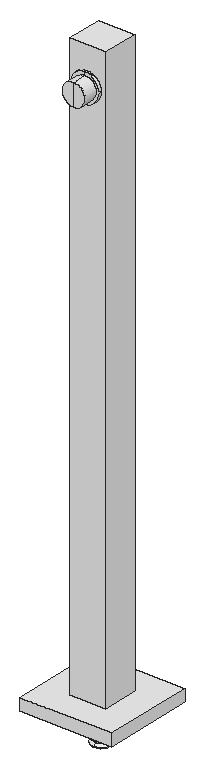
Revit family "Shower_Arm-DXV-Square-D3570042X_Series", category Plumbing Fixtures, host Face, Revit 2019
Family settings
  Host = Face
  Round Connector Dimension = Use Diameter
  Part Type = Normal
  OmniClass Number = 23.45.05.14.17
  OmniClass Title = Showers
  Cut with Voids When Loaded = No
  Shared = Yes
  Room Calculation Point = No
Parameters (values of type "D35700426.100")
  Width = 2.40157"
  Waste Connection = no
  WFU = 4  # constant formula
  Vent Connection = no
  URL = "https://www.dxv.com/"
  Type Comments = ""
  Tempered Water Connection = yes
  Tempered Connection Diameter = 1/2"
  Product Page URL = "https://www.dxv.com/product/slim-square-16-inch-shower-arm-by-dxv"
  Product Documentation Link = "https://dxv01.blob.core.windows.net/dxv-product-pdf-files/spec_D35700426_DXV_Square_ShwArm_EN.pdf"
  Price = "Prices may vary. Please consult Manufacturer Representative for most up-to-date price list."  # constant formula
  Outlet Diameter = 1/2"
  Model = "D35700426.100"
  Material = "Brass-DXV-100-Polished Chrome"
  Manufacturer = "DXV"
  Installation Type = "Wall Mounted"
  Height = 15 3/4"
  HWFU = 3  # constant formula
  HW Connection = no
  Finish = Brass-DXV-100-Polished Chrome
  Description = "SLIM SQUARE 16 INCH SHOWER ARM"
  Default Elevation = 78"  # constant formula
  Creation Date = "07/26/2022"  # constant formula
  CWFU = 3  # constant formula
  CW Connection = no
  Assembly Code = "D2090800"
Types (3): name | Product Page URL | Outlet Diameter | Height | Description
  (no name) | "https://www.dxv.com/product/slim-square-16-inch-shower-arm-by-dxv" | 1/2" | 15 3/4" | "SLIM SQUARE 16 INCH SHOWER ARM"
  D35700426.100 | "https://www.dxv.com/product/slim-square-16-inch-shower-arm-by-dxv" | 1/2" | 15 3/4" | "SLIM SQUARE 16 INCH SHOWER ARM"
  D35700420.100 | "https://www.dxv.com/product/slim-square-20-inch-shower-arm-by-dxv" | 24" | 19 11/16" | "SLIM SQUARE 20 INCH SHOWER ARM"
Reference planes (in)
  plane 1 "Center (Front/Back)": y = 0
  plane 2: z = 0
  plane 3 "Center (Left/Right)": x = -0.02559
  plane 4: z = 15.75
  plane 5: y = 0.25
  plane 6: y = -0.25
  plane 7: y = -1.20079
  plane 8: y = 1.20079
  plane 9: x = -1.20079
  plane 10: x = 1.20079
  plane 11: z = 14.76575
  plane 12: x = 0.22441
  plane 13: x = -0.27559
  plane 14: x = -0.47244
  plane 15: x = 0.47244
  plane 16: y = -0.47244
  plane 17: y = 0.47244
  plane 18: z = 0.3125
  plane 19: z = -0.875
  plane 20: y = -0.90994
Forms (in)
  Revolve 1, solid, material "Brass-DXV-100-Polished Chrome" <- "Finish"
    sketch origin (-0.02559, 0, 0) x (0, 1, 0) y (0, 0, 1)
      loop
        line (0.25, 0) -> (0, 0) -> (0, -0.875) -> (0.22346, -0.875) -> (0.25, -0.84846) -> (0.18168, -0.78014) -> (0.25, -0.71182) -> (0.18168, -0.6435) -> (0.25, -0.57518) -> (0.18168, -0.50686) -> (0.25, -0.43854) -> (0.18168, -0.37022) -> (0.25, -0.3019) -> (0.18168, -0.23358) -> (0.25, -0.16526) -> (0.18322, -0.07959) -> (0.25, 0)
      axis (0, 0) -> (0, -0.875)
    angle from 0 to 360
  Extrusion 2, solid, material "Brass-DXV-100-Polished Chrome" <- "Finish"
    sketch origin (0, 0, 0) x (1, 0, 0) y (0, 1, 0)
      loop
        line (-1.20079, 1.20079) -> (-1.20079, -1.20079) -> (1.20079, -1.20079) -> (1.20079, 1.20079) -> (-1.20079, 1.20079)
    from 0 to 0.3125
  Extrusion 3, solid, material "Brass-DXV-100-Polished Chrome" <- "Finish"
    sketch origin (0, 0, 0) x (1, 0, 0) y (0, 1, 0)
      loop
        line (-0.47244, 0.47244) -> (-0.47244, -0.47244) -> (0.47244, -0.47244) -> (0.47244, 0.47244) -> (-0.47244, 0.47244)
    from 0 to 15.75
  Revolve 4, solid, material "Brass-DXV-100-Polished Chrome" <- "Finish"
    sketch origin (-0.02559, 0, 0) x (0, 1, 0) y (0, 0, 1)
      loop
        line (-0.47244, 14.76575) -> (-0.47244, 15.14187) -> (-0.53494, 15.14187) -> (-0.53494, 15.05538) -> (-0.90994, 15.05538) -> (-0.90994, 14.76575) -> (-0.47244, 14.76575)
      axis (-0.90994, 14.76575) -> (-0.47244, 14.76575)
    angle from 0 to 360
Cuts and joins
  joined: Revolve 1, Extrusion 2, Extrusion 3, Revolve 4
Lines and regions (in)
  Masking region 1
    outline origin (0, 0, 0) x (1, 0, 0) y (0, 0, 1)
      loop
        line (-1.20079, 0) -> (1.20079, 0) -> (1.20079, 0.3125) -> (0.47244, 0.3125) -> (0.47244, 15.75) -> (-0.47244, 15.75) -> (-0.47244, 0.3125) -> (-1.20079, 0.3125) -> (-1.20079, 0)
  Masking region 2
    outline origin (0, 0, 0) x (1, 0, 0) y (0, 0, 1)
      loop
        line (0.22441, -0.875) -> (0.22441, 0) -> (-0.27559, 0) -> (-0.27559, -0.875) -> (0.22441, -0.875)
  symbolic lines, detail levels fine
    curve 1: line (0.42126, 0, 0.3125) -> (-0.47244, 0, 0.3125)
Dimensions and locks (in)
  locked: plane 11 to plane 4 at 0.98425
  locked: Revolve 4 sketch curve to Revolve 4 sketch curve at 0.37612
  locked: Revolve 4 sketch curve to Revolve 4 sketch curve at 0.28963
  "Height": plane 4 to level
  "Width": plane 8 to plane 7
  "Tempered Connection Diameter": plane 5 to plane 6
  equal spacing: plane 5, plane 1 "Center (Front/Back)", plane 6
  locked: plane 18 to host face at 0.3125
  equal spacing: plane 13, plane 3 "Center (Left/Right)", plane 12
  plane 13 to plane 12 = 1/2"
  host face to plane 19 = 7/8"
  plane 19 to host face = 7/8"
  locked: cut or joined group of Revolve 1, Extrusion 2, Extrusion 3, Revolve 4 to Revolve 4 sketch curve at 0.0625
  equal spacing: plane 8, plane 1 "Center (Front/Back)", plane 7
  locked: cut or joined group of Revolve 1, Extrusion 2, Extrusion 3, Revolve 4 to plane 20 at 0.4375
  locked: plane 1 "Center (Front/Back)" to plane 20 at 0.90994
  aligned and locked: plane 2 to host face
  aligned and locked: level to host face
  aligned and locked: Extrusion 2 to level
  aligned and locked: Extrusion 2 to plane 8
  aligned and locked: plane 7 to Extrusion 2  (x2)
  aligned and locked: plane 8 to Extrusion 2
  aligned and locked: Extrusion 3 to plane 4
  aligned and locked: Masking region 1 sketch curve to cut or joined group of Revolve 1, Extrusion 2, Extrusion 3, Revolve 4  (x6)
  aligned and locked: Masking region 2 sketch curve to cut or joined group of Revolve 1, Extrusion 2, Extrusion 3, Revolve 4
  aligned and locked: cut or joined group of Revolve 1, Extrusion 2, Extrusion 3, Revolve 4 to Masking region 2 sketch curve
  aligned and locked: plane 18 to cut or joined group of Revolve 1, Extrusion 2, Extrusion 3, Revolve 4
  aligned and locked: Masking region 1 to cut or joined group of Revolve 1, Extrusion 2, Extrusion 3, Revolve 4
  aligned and locked: Masking region 2 to plane 12
  aligned and locked: Revolve 4 sketch curve to cut or joined group of Revolve 1, Extrusion 2, Extrusion 3, Revolve 4
  aligned and locked: cut or joined group of Revolve 1, Extrusion 2, Extrusion 3, Revolve 4 to plane 20
  aligned and locked: plane 13 to Masking region 2
Automatic sketch dimensions
  host sketch curve to host sketch curve = 96"  (x2)
  plane 7 to Extrusion 2 sketch curve = 0"
  Extrusion 2 sketch curve to plane 9 = 0"
  Extrusion 2 sketch curve to plane 10 = 0"
  plane 8 to Extrusion 2 sketch curve = 0"
  Extrusion 3 sketch curve to plane 14 = 0"
  Extrusion 3 sketch curve to plane 15 = 0"
  plane 16 to Extrusion 3 sketch curve = 0"
  plane 17 to Extrusion 3 sketch curve = 0"
  Masking region 1 sketch curve to plane 12 = 0.24803"
  plane 13 to Masking region 1 sketch curve = 0.19685"
  plane 13 to curve 1 = 0.19685"
  curve 1 to plane 12 = 0.19685"
  Masking region 2 sketch curve to plane 13 = 0"
  plane 12 to Masking region 2 sketch curve = 0"
  level to curve 1 = 5/16"
  Revolve 1 sketch curve to plane 1 "Center (Front/Back)" = 0"  (x2)
  plane 19 to Revolve 1 sketch curve = 0"
  Revolve 1 sketch curve to plane 5 = 0"  (x7)
  plane 5 to Revolve 1 sketch curve = 0.06832"  (x5)
  plane 5 to Revolve 1 sketch curve = 0.06678"
  plane 5 to Revolve 1 sketch curve = 0.02654"
  Revolve 1 sketch curve to plane 19 = 0.02654"
  Revolve 1 sketch curve to level = 0.07959"
  plane 19 to Revolve 1 sketch curve = 0.00628"
  Revolve 1 sketch curve to Revolve 1 sketch curve = 0.13664"
  Revolve 1 sketch curve to level = 0"
  plane 11 to Revolve 4 sketch curve = 0"  (x2)
  Revolve 4 sketch curve to plane 6 = 0.10976"
  Revolve 4 sketch curve to plane 5 = 0.19685"
  Revolve 4 sketch curve to plane 7 = 0.29085"
Connectors (in)
  piping at (-0.02559, 0, -0.875), diameter 0.5, driven by "Tempered Connection Diameter"
    settings: on cut or joined group of Revolve 1, Extrusion 2, Extrusion 3, Revolve 4, index 1, connector inside diameter 24", connector length 0", flow factor 0, pipe flow 0 GPM, pressure drop 0.00 psi, fitting loss kfactor 0, connector angle 0.00°, fixture units 0, engagement length 0", angle of deflection 0.00°, flow configuration 0, flow direction 1, fitting loss method 0, system type 29, joint type 0, gender type 0, connector reference index -1, connector utility 0, adjustable connector no, is connector primary yes, connector description "1/2\" NPT Tempered Inlet Connection"
  piping at (-0.02559, -0.90994, 14.76575), diameter 0.5, driven by "Outlet Diameter"
    settings: on cut or joined group of Revolve 1, Extrusion 2, Extrusion 3, Revolve 4, index 2, connector inside diameter 24", connector length 0", flow factor 0, pipe flow 0 GPM, pressure drop 0.00 psi, fitting loss kfactor 0, connector angle 0.00°, fixture units 0, engagement length 0", angle of deflection 0.00°, flow configuration 0, flow direction 2, fitting loss method 0, system type 29, joint type 0, gender type 0, connector reference index -1, connector utility 0, adjustable connector no, is connector primary no, connector description "1/2\" NPT Tempered Outlet Connection"
